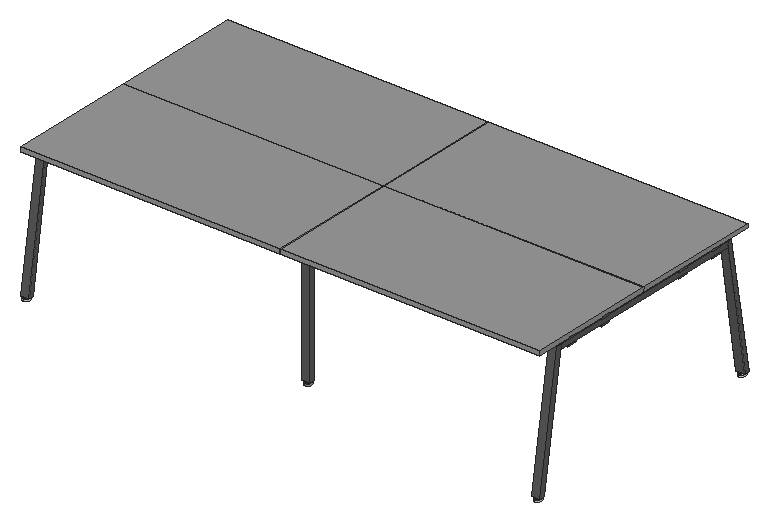
Revit family "Haworth_Tibas_Desk_BenchWorkstation_EU_PRELIMINARY", category Furniture, Revit 2019
Family settings
  OmniClass Number = 23.40.70.14.64.11
  OmniClass Title = Office Furniture
  Work Plane-Based = No
  Always vertical = Yes
  Cut with Voids When Loaded = No
  Shared = No
  Room Calculation Point = No
Parameters (values of type "320 x 160")
  Worksurface Width = Actual Width / 2  # 160 cm
  Worksurface Depth = Actual Depth / 2  # 80 cm
  Warranty = "http://www.haworth.com/resources/product-info/warranties"
  U Shape Cable Outlet = no
  U-Leg Frame R [instance] = no
  U-Leg Frame [instance] = no
  Type Comments = ""
  URL = "https://www.haworth.com/eu/en.html"
  Trim Finish = Haworth _ Polymer _ Undecided
  Top Finish [instance] = Haworth _ Laminate _ Undecided _ Tables
  Structure = yes
  Small = not(Large)  # no
  Size = "Verify Final Dim.w/ Haworth"  # constant formula
  Round Cable Outlet = no
  Revision Number = "1"  # constant formula
  Return Extension = not(Structure)  # no
  Product URL = "https://www.haworth.com/eu/en/products/office-desks/tibas.html"
  O-Leg Frame R [instance] = no
  O-Leg Frame [instance] = no
  No Accessory Kit = not(or(Accessory Kit, Flip Top Cable Outlet, Round Cable Outlet))  # yes
  Model = "TIDWXX16"  # constant formula
  Manufacturer = "Haworth"  # constant formula
  Leg Height = Actual Height - 3.5 cm  # 80.0025 cm
  Leg Depth = Actual Depth - 40 cm  # 120 cm
  Large = yes
  Horizontal Cable Tray Wire Double Small = not(or(No Accessory Kit, Horizontal Cable Tray Double, Horizontal Cable Tray Wire Double))  # no
  Horizontal Cable Tray Wire Double = no
  Horizontal Cable Tray Double = no
  Flip Top Cable Outlet = no
  Epure Cable Outlet = no
  Description = "Haworth - Tibas - Desk - Bench Workstation"  # constant formula
  Cable Tray Width = Actual Width - 50 cm  # 270 cm
  Cable Tray Finish = Haworth _ Paint _ Metallic Silver
  Base Finish [instance] = Haworth _ Paint _ Black
  Author = "Haworth (Abd Rahman)"  # constant formula
  Assembly Code = "E2020200"
  Actual Width = if(Small, 160 cm, 320 cm)  # 320 cm
  Actual Height = 83.5025 cm
  Actual Depth = 160 cm  # constant formula
  Accessory Kit = and(or(Epure Cable Outlet, Flip Top Cable Outlet, Round Cable Outlet, U Shape Cable Outlet))  # no
  A-Leg Frame R [instance] = yes
  A-Leg Frame [instance] = yes
Reference planes (cm)
  plane 1 "Center F/B": y = 17.4526
  plane 2: z = 0
  plane 3 "Center L/R": x = 11.43
  plane 4 "Top": z = 83.5025
  plane 5 "Left": x = -148.57
  plane 6 "Right": x = 171.43
  plane 7 "Back": y = 97.4526
  plane 8 "Front": y = -62.5474
  plane 9: y = 72.4526
  plane 10: y = -37.5474
  plane 11: z = 81.0025
  plane 12: z = 80.0025
  plane 13: x = 21.43
  plane 14: x = 1.43
  plane 15: y = -8.5474
  plane 16: y = -12.5474
  plane 17: y = 47.4526
Dimensions and locks (cm)
  "Actual Height": plane 4 "Top" to level
  equal spacing: plane 7 "Back", plane 1 "Center F/B", plane 8 "Front"
  "Actual Depth": plane 7 "Back" to plane 8 "Front"
  equal spacing: plane 5 "Left", plane 3 "Center L/R", plane 6 "Right"
  "Actual Width": plane 5 "Left" to plane 6 "Right"
  plane 7 "Back" to plane 9 to plane 17 to plane 1 "Center F/B" = 25 cm, 25 cm, 30 cm
  plane 4 "Top" to plane 11 to plane 12 = 2.5 cm locked, 1 cm locked
  locked: plane 3 "Center L/R" to plane 13 at 10
  locked: plane 14 to plane 3 "Center L/R" at 10
  plane 1 "Center F/B" to plane 16 = 30 cm
  plane 16 to plane 10 to plane 8 "Front" = 25 cm, 25 cm
  aligned and locked: plane 4 "Top" to nested 1
  aligned and locked: plane 1 "Center F/B" to nested 5
  aligned and locked: plane 1 "Center F/B" to nested 2
  aligned and locked: nested 2 to plane 5 "Left"
  aligned and locked: plane 1 "Center F/B" to nested 4
  aligned and locked: nested 4 to plane 5 "Left"
  aligned and locked: nested 6 to plane 5 "Left"
  aligned and locked: nested 6 to plane 11
  aligned and locked: plane 5 "Left" to nested 3
  aligned and locked: plane 11 to nested 3
  aligned and locked: nested 6 to plane 10
  aligned and locked: plane 1 "Center F/B" to nested 9
  aligned and locked: plane 1 "Center F/B" to nested 7
  aligned and locked: plane 1 "Center F/B" to nested 8
  aligned and locked: nested 9 to plane 6 "Right"
  aligned and locked: nested 7 to plane 6 "Right"
  aligned and locked: nested 8 to plane 6 "Right"
  aligned and locked: plane 3 "Center L/R" to nested 10
  aligned and locked: nested 10 to plane 7 "Back"
  aligned and locked: plane 12 to nested 10
  aligned and locked: plane 5 "Left" to nested 15
  aligned and locked: nested 14 to plane 6 "Right"
  aligned and locked: plane 8 "Front" to nested 15
  aligned and locked: nested 14 to plane 8 "Front"
  aligned and locked: nested 1 to plane 7 "Back"
  aligned and locked: nested 13 to plane 7 "Back"
  aligned and locked: plane 4 "Top" to nested 13
  aligned and locked: plane 4 "Top" to nested 15
  aligned and locked: plane 4 "Top" to nested 14
  aligned and locked: plane 3 "Center L/R" to nested 11
  aligned and locked: plane 1 "Center F/B" to nested 11
  aligned and locked: plane 1 "Center F/B" to nested 12
  aligned and locked: nested 3 to plane 9
  aligned and locked: nested 12 to plane 11
  aligned and locked: nested 11 to plane 11
  aligned and locked: nested 16 to plane 1 "Center F/B"
  aligned and locked: nested 12 to plane 13
  aligned and locked: nested 16 to plane 14
  aligned and locked: plane 11 to nested 16
  aligned and locked: plane 3 "Center L/R" to nested 17
  aligned and locked: nested 18 to plane 3 "Center L/R"
  aligned and locked: nested 17 to plane 8 "Front"
  aligned and locked: nested 18 to plane 7 "Back"
  aligned and locked: plane 4 "Top" to nested 17
  aligned and locked: nested 18 to plane 4 "Top"
  aligned and locked: plane 3 "Center L/R" to nested 19
  aligned and locked: plane 1 "Center F/B" to nested 19
  aligned and locked: plane 12 to nested 19
  aligned and locked: plane 3 "Center L/R" to nested 20
  aligned and locked: plane 1 "Center F/B" to nested 20
  aligned and locked: nested 20 to plane 12
  aligned and locked: nested 21 to plane 16
  aligned and locked: nested 22 to plane 17
  aligned and locked: nested 21 to plane 11
  aligned and locked: plane 11 to nested 22
  aligned and locked: plane 3 "Center L/R" to nested 21
  aligned and locked: nested 22 to plane 3 "Center L/R"
Nested families (cm)
  nested 1: "Haworth_Tibas_Top_Rectangular-PART" at (-84.2559, 28.2426, -2) x (-1, 0, 0) z (0, 0, 1), Top Finish <- "Top Finish", visible <- "Large", type "Rectangular Top"
    with Top Finish Haworth _ Laminate _ Undecided _ Tables, Void Depth 95 cm, Epure Cable Outlet no, Actual Width 160 cm
  nested 2: "Haworth_Tibas_Base_Ashape-Leg_PART" at (-130.3841, 46.6626, 0), Leg Finish <- "Base Finish", visible <- "A-Leg Frame", type "A Shaped - Leg Frame - PART L"
    with Leg Finish Haworth _ Paint _ Black, Actual Height 80.0025 cm, Actual Depth 160 cm
  nested 3: "Haworth_Tibas_Understructure_Beam-Leg_PART" at (-161.7559, 43.2426, 11.3025) x (-1, 0, 0) z (0, 0, 1), Leg Finish <- "Base Finish", type "Beam - Understructure - PART"
    with Leg Finish Haworth _ Paint _ Black, Actual Width 320 cm
  nested 4: "Haworth_Tibas_Base_O-Leg_PART" at (-130.3841, 46.6626, 0), visible <- "O-Leg Frame", Leg Finish <- "Base Finish", type "O-Leg Frame - PART L"
    with Leg Finish Haworth _ Paint _ Black, Actual Height 80.0025 cm, Actual Depth 160 cm
  nested 5: "Haworth_Tibas_Base_U-Leg_PART" at (-130.3841, 46.6626, 0), visible <- "U-Leg Frame", Leg Finish <- "Base Finish", type "U-Leg Frame - PART L"
    with Leg Finish Haworth _ Paint _ Black, Actual Height 80.0025 cm, Actual Depth 160 cm
  nested 6: "Haworth_Tibas_Understructure_Beam-Leg_PART" at (-161.7559, -8.3374, 11.3025) x (-1, 0, 0) z (0, 0, 1), Leg Finish <- "Base Finish", type "Beam - Understructure - PART"
    with Leg Finish Haworth _ Paint _ Black, Actual Width 320 cm
  nested 7: "Haworth_Tibas_Base_O-Leg_PART" at (184.6159, 46.6626, 0), Leg Finish <- "Base Finish", visible <- "O-Leg Frame R", type "O-Leg Frame - PART R"
    with Leg Finish Haworth _ Paint _ Black, Actual Height 80.0025 cm, Actual Depth 160 cm
  nested 8: "Haworth_Tibas_Base_U-Leg_PART" at (184.6159, 46.6626, 0), Leg Finish <- "Base Finish", visible <- "U-Leg Frame R", type "U-Leg Frame - PART R"
    with Leg Finish Haworth _ Paint _ Black, Actual Height 80.0025 cm, Actual Depth 160 cm
  nested 9: "Haworth_Tibas_Base_Ashape-Leg_PART" at (184.6159, 46.6626, 0), Leg Finish <- "Base Finish", visible <- "A-Leg Frame R", type "A Shaped - Leg Frame - PART R"
    with Leg Finish Haworth _ Paint _ Black, Actual Height 80.0025 cm, Actual Depth 160 cm
  nested 10: "Haworth_Tibas_CableManagement_HorizontalCableTraySingleWire_PART" at (-9.3736, 101.8212, 3.0612), Cable Tray Finish <- "Cable Tray Finish", visible <- "Horizontal Cable Tray Wire Double", type "Wire Basket"
    with Cable Tray Finish Haworth _ Paint _ Metallic Silver, Actual Width 320 cm, 80cm no, 200cm no, 180cm no, 160cm no, 140cm no, 120cm no, 100cm no
  nested 11: "Haworth_Tibas_CableManagement_HorizontalCableTrayDouble_PART" at (27.1159, 46.6626, 36.0025), visible <- "Horizontal Cable Tray Double", Cable Tray Finish <- "Cable Tray Finish", type "Horizontal Cable Tray Double"
    with Cable Tray Finish Haworth _ Paint _ Metallic Silver, Actual Width 270 cm
  nested 12: "Haworth_Tibas_CableManagement_HorizontalCableTrayDoubleWire_PART" at (70.6264, 29.8212, 3.7987), Cable Tray Finish <- "Cable Tray Finish", visible <- "Horizontal Cable Tray Wire Double", type "Wire Basket - Large"
    with Cable Tray Finish Haworth _ Paint _ Metallic Silver, Actual Width 140 cm, 200cm no, 180cm no, 160cm no, 120cm no
  nested 13: "Haworth_Tibas_Top_Rectangular-PART" at (75.7441, 28.2426, -2) x (-1, 0, 0) z (0, 0, 1), Top Finish <- "Top Finish", visible <- "Large", type "Rectangular Top"
    with Top Finish Haworth _ Laminate _ Undecided _ Tables, Void Depth 95 cm, Epure Cable Outlet no, Actual Width 160 cm
  nested 14: "Haworth_Tibas_Top_Rectangular-PART" at (107.1159, 6.6626, -2), Top Finish <- "Top Finish", visible <- "Large", type "Rectangular Top"
    with Top Finish Haworth _ Laminate _ Undecided _ Tables, Void Depth 95 cm, Epure Cable Outlet no, Actual Width 160 cm
  nested 15: "Haworth_Tibas_Top_Rectangular-PART" at (-52.8841, 6.6626, -2), Top Finish <- "Top Finish", visible <- "Large", type "Rectangular Top"
    with Top Finish Haworth _ Laminate _ Undecided _ Tables, Void Depth 95 cm, Epure Cable Outlet no, Actual Width 160 cm
  nested 16: "Haworth_Tibas_CableManagement_HorizontalCableTrayDoubleWire_PART" at (-47.7664, 29.8212, 3.7987) x (-1, 0, 0) z (0, 0, 1), Cable Tray Finish <- "Cable Tray Finish", visible <- "Horizontal Cable Tray Wire Double", type "Wire Basket - Large"
    with Cable Tray Finish Haworth _ Paint _ Metallic Silver, Actual Width 140 cm, 200cm no, 180cm no, 160cm no, 120cm no
  nested 17: "Haworth_Tibas_Top_Rectangular-PART" at (27.1159, 6.6626, -2), Top Finish <- "Top Finish", visible <- "Small", type "Rectangular Top  - Small"
    with Top Finish Haworth _ Laminate _ Undecided _ Tables, Void Depth 95 cm, Epure Cable Outlet no, Actual Width 320 cm
  nested 18: "Haworth_Tibas_Top_Rectangular-PART" at (27.1159, 28.2426, -2), Top Finish <- "Top Finish", visible <- "Small", type "Rectangular Top  - Small"
    with Top Finish Haworth _ Laminate _ Undecided _ Tables, Void Depth 95 cm, Epure Cable Outlet no, Actual Width 320 cm
  nested 19: "Haworth_Tibas_CableManagement_HorizontalCableTrayDoubleWire_PART" at (-9.3736, 29.8212, 2.9987), visible <- "Horizontal Cable Tray Wire Double Small", Cable Tray Finish <- "Cable Tray Finish", type "Wire Basket - Small"
    with Cable Tray Finish Haworth _ Paint _ Metallic Silver, Actual Width 140 cm, 200cm no, 180cm no, 160cm no, 120cm no
  nested 20: "Haworth_Tibas_Base_U-Leg_PART" at (27.1159, 46.6626, 0), visible <- "Large", Leg Finish <- "Base Finish", type "U-Leg Frame - PART M"
    with Leg Finish Haworth _ Paint _ Black, Actual Height 80.0025 cm, Actual Depth 120 cm
  nested 21: "Haworth_Tibas_Understructure_Beam-Leg_PART" at (-161.7559, -41.7574, 11.3025) x (-1, 0, 0) z (0, 0, 1), Leg Finish <- "Base Finish", type "Beam - Understructure - PART"
    with Leg Finish Haworth _ Paint _ Black, Actual Width 320 cm
  nested 22: "Haworth_Tibas_Understructure_Beam-Leg_PART" at (-161.7559, 76.6626, 11.3025) x (-1, 0, 0) z (0, 0, 1), Leg Finish <- "Base Finish", type "Beam - Understructure - PART"
    with Leg Finish Haworth _ Paint _ Black, Actual Width 320 cm
Definition of nested family "Haworth_Tibas_Top_Rectangular-PART"
  Parameters (values of type "Rectangular Top")
    Warranty = "http://www.haworth.com/resources/product-info/warranties"
    Void Depth = if(Epure Cable Outlet, 0 cm, Actual Depth + 15 cm)  # 0 cm
    URL - Product = ""
    URL = "https://www.haworth.com/eu/en.html"
    U-Shape Cable Outlet = no
    Trim Finish = none
    Top Finish [instance] = none
    Thickness = 2.5 cm  # constant formula
    Size = "Verify Final Dim. w/ Haworth"  # constant formula
    Round Cable Outlet = no
    Revision Number = "1"  # constant formula
    Model = "Haworth - Tibas"  # constant formula
    Manufacturer = "Haworth"  # constant formula
    Flip Top Cable Outlet = no
    Epure Cable Outlet = yes
    Description = "Haworth - Tibas"  # constant formula
    Author = "Haworth (Abd Rahman)"  # constant formula
    Assembly Code = "E2020200"
    Actual Width = 150 cm
    Actual Mounting Height = 83.5025 cm
    Actual Depth = 80 cm
  Reference planes (cm)
    plane 1: z = -0.5
    plane 2 "Center L/R": x = -15.6859
    plane 3 "Center F/B": y = -29.21
    plane 4 "Top of top": z = 85.5025
    plane 5 "Back": y = 10.79
    plane 6 "Front": y = -69.21
    plane 7 "Left": x = -90.6859
    plane 8 "Right": x = 59.3141
    plane 9 "Bottom of top": z = 83.0025
    plane 10: y = 2.79
    plane 11: x = -75.6859
    plane 12: x = 44.3141
    plane 13: y = 10.79
    plane 14: y = 10.79
    plane 15: y = 10.79
    plane 16: y = 10.79
  Forms (cm)
    Extrusion 1, solid, material <- "Top Finish"
      sketch origin (0, 0, 0) x (1, 0, 0) y (0, 1, 0)
        loop
          line (-90.6859, 10.79) -> (-90.6859, -69.21) -> (59.3141, -69.21) -> (59.3141, 10.79) -> (-90.6859, 10.79)
      from 83.0025 to 85.5025
    Extrusion 2, void
      sketch origin (0, 0, 0) x (1, 0, 0) y (0, 1, 0)
        loop
          circle (-75.6859, 10.79) r 4
        loop
          circle (44.3141, 10.79) r 4
      from -47.9092 to 135.8317
  Cuts and joins
    Extrusion 2 cuts Extrusion 1
  Lines and regions (cm)
    Masking region 1
      outline origin (0, 0, 0) x (1, 0, 0) y (0, 1, 0)
        loop
          line (-90.6859, 10.79) -> (-90.6859, -69.21) -> (59.3141, -69.21) -> (59.3141, 10.79) -> (-90.6859, 10.79)
  Dimensions and locks (cm)
    equal spacing: plane 5 "Back", plane 3 "Center F/B", plane 6 "Front"
    "Actual Depth": plane 5 "Back" to plane 6 "Front"
    equal spacing: plane 7 "Left", plane 2 "Center L/R", plane 8 "Right"
    "Actual Width": plane 7 "Left" to plane 8 "Right"
    "Thickness": plane 4 "Top of top" to plane 9 "Bottom of top"
    "Actual Mounting Height": plane 9 "Bottom of top" to plane 1
    locked: plane 5 "Back" to plane 10 at 8
    plane 7 "Left" to plane 11 = 15 cm
    locked: plane 8 "Right" to plane 12 at 15
    "Void Depth": plane 13 to plane 14
    "Void Depth": plane 15 to plane 16
    aligned and locked: plane 8 "Right" to Extrusion 1 sketch curve
    aligned and locked: plane 7 "Left" to Extrusion 1 sketch curve
    aligned and locked: plane 6 "Front" to Extrusion 1 sketch curve
    aligned and locked: Extrusion 1 sketch curve to plane 5 "Back"
    aligned and locked: plane 4 "Top of top" to Extrusion 1
    aligned and locked: Extrusion 1 to plane 9 "Bottom of top"
    aligned and locked: plane 8 "Right" to Masking region 1 sketch curve
    aligned and locked: Masking region 1 sketch curve to plane 5 "Back"
    aligned and locked: plane 7 "Left" to Masking region 1 sketch curve
    aligned and locked: plane 6 "Front" to Masking region 1 sketch curve
    aligned and locked: nested 1 to plane 4 "Top of top"
    aligned and locked: plane 12 to nested 1
    aligned and locked: plane 10 to nested 1
    aligned and locked: nested 2 to plane 11
    aligned and locked: nested 2 to plane 10
    aligned and locked: nested 3 to plane 11
    aligned and locked: nested 3 to plane 5 "Back"
    aligned and locked: nested 3 to plane 4 "Top of top"
    aligned and locked: plane 12 to nested 4
    aligned and locked: plane 5 "Back" to nested 4
    aligned and locked: plane 4 "Top of top" to nested 4
    aligned and locked: plane 2 "Center L/R" to nested 5
    aligned and locked: plane 10 to nested 5
    aligned and locked: nested 5 to plane 4 "Top of top"
    aligned and locked: plane 11 to Extrusion 2 sketch curve
    aligned and locked: plane 4 "Top of top" to nested 2
    aligned and locked: plane 13 to plane 5 "Back"
    aligned and locked: plane 12 to Extrusion 2 sketch curve
    aligned and locked: plane 15 to plane 5 "Back"
    aligned and locked: Extrusion 2 sketch curve to plane 16
    aligned and locked: plane 14 to Extrusion 2 sketch curve
  Automatic sketch dimensions
    radius of Extrusion 2 sketch curve = 4 cm  (x2)
  Nested families (cm)
    nested 1: "Haworth_Grommet-PART" at (28.6282, 32, 33.2793) x (-1, 0, 0) z (0, 0, 1), visible <- "Round Cable Outlet", type "Cable Outlet"
      with Vertical no, Horizontal yes
    nested 2: "Haworth_Grommet-PART" at (-60, 32, 33.2793), visible <- "Round Cable Outlet", type "Cable Outlet"
      with Vertical no, Horizontal yes
    nested 3: "Haworth_CableOutlet_U-Shape_PART" at (-60, 37.2731, 29.7793), visible <- "U-Shape Cable Outlet", type "Cable Outlet"
    nested 4: "Haworth_CableOutlet_U-Shape_PART" at (28.6282, 37.2731, 29.7793) x (-1, 0, 0) z (0, 0, 1), visible <- "U-Shape Cable Outlet", type "Cable Outlet"
    nested 5: "Haworth-Flip Top" at (-17.1347, -2.8433, 5.5025), visible <- "Flip Top Cable Outlet", type "Flip Top - Visio"
      with Actual Width 20 cm, Actual Depth 11 cm
  Definition of nested family "Haworth_Grommet-PART"
    Parameters (values of type "Cable Outlet")
      Warranty = "http://www.haworth.com/resources/product-info/warranties"
      Vertical = yes
      URL = "www.haworth.com"
      Trim Finish = none
      Size = "Verify Final Dim. w/ Haworth"  # constant formula
      Revision Number = "1"  # constant formula
      Model = "X742"  # constant formula
      Manufacturer = "Haworth"  # constant formula
      Horizontal = no
      Description = "Haworth - Cable Outlet - 25mm"  # constant formula
      Author = "Haworth (Abd Rahman)"  # constant formula
      Assembly Code = "E2020200"
      Actual Width = 9 cm  # constant formula
      Actual Height = 0.2 cm  # constant formula
      Actual Depth = 9 cm  # constant formula
    Reference planes (cm)
      plane 1: z = 52.2232
      plane 2 "Center L/R": x = -15.6859
      plane 3 "Center F/B": y = -29.21
      plane 4 "Top": z = 52.4232
      plane 5 "Back": y = -24.71
      plane 6 "Front": y = -33.71
      plane 7 "Right": x = -11.1859
      plane 8 "Left": x = -20.1859
      plane 9: x = -15.505
    Forms (cm)
      Revolve 1, solid, material <- "Trim Finish", visible <- "Vertical"
        sketch origin (-67.9273, -29.21, 36.6305) x (0, 0, 1) y (1, 0, 0)
          loop
            line (15.6859, 52.4223) -> (11.5684, 52.4223)
            arc (11.5684, 52.4223) -> (11.398, 52.3576) -> (11.2576, 52.2414) r 0.557
            line (11.2576, 52.2414) -> (15.6859, 52.2414) -> (15.6859, 52.4223)
          axis (15.6859, 52.4223) -> (15.6859, 52.2414)
        angle from 0 to 360
      Extrusion 2, void
        sketch origin (-67.9273, 0.0749, 36.6305) x (0, 0, -1) y (0, 1, 0)
          loop
            line (-17.5569, -26.0506) -> (-17.3333, -28.1782)
            arc (-17.3333, -28.1782) -> (-17.1796, -28.323) -> (-16.9822, -28.2479) r 0.1989
            arc (-16.9822, -28.2479) -> (-16.9186, -28.1652) -> (-16.8471, -28.0891) r 1.0616
            arc (-16.8471, -28.0891) -> (-16.3186, -27.7135) -> (-15.6859, -27.5721) r 1.6402
            arc (-15.6859, -27.5721) -> (-15.1781, -27.6415) -> (-14.7164, -27.8643) r 1.6402
            arc (-14.7164, -27.8643) -> (-14.5025, -27.8909) -> (-14.3853, -27.7099) r 0.203
            line (-14.3853, -27.7099) -> (-14.1679, -25.8137)
            arc (-14.1679, -25.8137) -> (-15.8906, -25.5293) -> (-17.5569, -26.0506) r 3.7744
        from 0 to 71.12
      Revolve 3, solid, material <- "Trim Finish", visible <- "Horizontal"
        sketch origin (-0.0331, -29.3081, 0.0151) x (-1, 0, 0) y (0, 0, 1)
          loop
            line (15.6859, 52.408) -> (11.5287, 52.408)
            arc (11.5287, 52.408) -> (11.3569, 52.3343) -> (11.219, 52.208) r 0.5592
            line (11.219, 52.208) -> (15.6859, 52.208) -> (15.6859, 52.408)
          axis (15.6859, 52.408) -> (15.6859, 52.208)
        angle from 0 to 360
      Extrusion 4, void
        sketch origin (-0.0331, -0.0232, 0.0151) x (1, 0, 0) y (0, 1, 0)
          loop
            line (-17.5569, -26.0506) -> (-17.3333, -28.1782)
            arc (-17.3333, -28.1782) -> (-17.1796, -28.323) -> (-16.9822, -28.2479) r 0.1989
            arc (-16.9822, -28.2479) -> (-16.9186, -28.1652) -> (-16.8471, -28.0891) r 1.0616
            arc (-16.8471, -28.0891) -> (-16.3186, -27.7135) -> (-15.6859, -27.5721) r 1.6402
            arc (-15.6859, -27.5721) -> (-15.1781, -27.6415) -> (-14.7164, -27.8643) r 1.6402
            arc (-14.7164, -27.8643) -> (-14.5025, -27.8909) -> (-14.3853, -27.7099) r 0.203
            line (-14.3853, -27.7099) -> (-14.1679, -25.8137)
            arc (-14.1679, -25.8137) -> (-15.8906, -25.5293) -> (-17.5569, -26.0506) r 3.7744
        from 0 to 71.12
    Cuts and joins
      Extrusion 2 cuts Revolve 1
      Extrusion 4 cuts Revolve 3
    Lines and regions (cm)
      Masking region 1
        outline origin (0, 0, 0) x (1, 0, 0) y (0, 1, 0)
          loop
            circle (-15.6859, -29.2849) r 4.4363
          loop
            circle (-15.6859, -29.2849) r 4.0899
          loop
            line (-14.3853, -27.7099) -> (-14.1679, -25.8137)
            arc (-14.1679, -25.8137) -> (-15.8906, -25.5293) -> (-17.5569, -26.0506) r 3.7744
            line (-17.5569, -26.0506) -> (-17.3333, -28.1782)
            arc (-17.3333, -28.1782) -> (-17.1796, -28.323) -> (-16.9822, -28.2479) r 0.1989
            arc (-16.9822, -28.2479) -> (-16.9186, -28.1652) -> (-16.8471, -28.0891) r 1.0616
            arc (-16.8471, -28.0891) -> (-16.3186, -27.7135) -> (-15.6859, -27.5721) r 1.6402
            arc (-15.6859, -27.5721) -> (-15.1781, -27.6415) -> (-14.7164, -27.8643) r 1.6402
            arc (-14.7164, -27.8643) -> (-14.5025, -27.8909) -> (-14.3853, -27.7099) r 0.203
    Dimensions and locks (cm)
      equal spacing: plane 8 "Left", plane 2 "Center L/R", plane 7 "Right"
      "Actual Width": plane 8 "Left" to plane 7 "Right"
      equal spacing: plane 5 "Back", plane 3 "Center F/B", plane 6 "Front"
      "Actual Depth": plane 5 "Back" to plane 6 "Front"
      "Actual Height": plane 4 "Top" to plane 1
      aligned and locked: plane 3 "Center F/B" to cut or joined group of Revolve 1, Extrusion 2  (x2)
      aligned and locked: cut or joined group of Revolve 3, Extrusion 4 to plane 4 "Top"
      aligned and locked: cut or joined group of Revolve 3, Extrusion 4 to plane 1
      aligned and locked: cut or joined group of Revolve 1, Extrusion 2 to plane 2 "Center L/R"
      aligned and locked: plane 9 to cut or joined group of Revolve 1, Extrusion 2
    Automatic sketch dimensions
      Revolve 1 sketch curve to plane 1 = 4.335 cm
      Revolve 1 sketch curve to Revolve 1 sketch curve = 0.3107 cm
      Revolve 1 sketch curve to Revolve 1 sketch curve = 0.1099 cm
      Revolve 1 sketch curve to Revolve 1 sketch curve = 4.0077 cm
      Revolve 1 sketch curve to plane 7 "Right" = 4.8651 cm
      Revolve 1 sketch curve to Revolve 1 sketch curve = 0.3651 cm
      Revolve 1 sketch curve to Revolve 1 sketch curve = 0 cm  (x2)
      Revolve 1 sketch curve to Revolve 1 sketch curve = 0.0195 cm
      Extrusion 2 sketch curve to Extrusion 2 sketch curve = 0 cm  (x2)
      plane 1 to Extrusion 2 sketch curve = 1.9643 cm
      Extrusion 2 sketch curve to Extrusion 2 sketch curve = 0.4161 cm
      Extrusion 2 sketch curve to Extrusion 2 sketch curve = 1.0307 cm
      Extrusion 2 sketch curve to Extrusion 2 sketch curve = 0.4587 cm
      Extrusion 2 sketch curve to Extrusion 2 sketch curve = 0.0242 cm
      Extrusion 2 sketch curve to Extrusion 2 sketch curve = 1.0632 cm
      Extrusion 2 sketch curve to Extrusion 2 sketch curve = 0.203 cm
      Extrusion 2 sketch curve to Extrusion 2 sketch curve = 0.2174 cm
      Extrusion 2 sketch curve to plane 5 "Back" = 4.5096 cm
      Extrusion 2 sketch curve to Extrusion 2 sketch curve = 0.0825 cm
      Extrusion 2 sketch curve to Extrusion 2 sketch curve = 0.3588 cm
      Extrusion 2 sketch curve to Extrusion 2 sketch curve = 0.7253 cm
      Extrusion 2 sketch curve to Extrusion 2 sketch curve = 1.502 cm
      Extrusion 2 sketch curve to Extrusion 2 sketch curve = 0.0031 cm
      Extrusion 2 sketch curve to Extrusion 2 sketch curve = 2.0772 cm
      Extrusion 2 sketch curve to Extrusion 2 sketch curve = 0.1925 cm
      Extrusion 2 sketch curve to Extrusion 2 sketch curve = 0.1586 cm
      Extrusion 2 sketch curve to Extrusion 2 sketch curve = 0.1352 cm
      Extrusion 2 sketch curve to Extrusion 2 sketch curve = 1.0976 cm
      Extrusion 2 sketch curve to Extrusion 2 sketch curve = 0.1281 cm
      Masking region 1 sketch curve to Masking region 1 sketch curve = 0 cm  (x4)
      Masking region 1 sketch curve to plane 2 "Center L/R" = 0 cm  (x2)
      Masking region 1 sketch curve to plane 2 "Center L/R" = 0.4242 cm
      Masking region 1 sketch curve to Masking region 1 sketch curve = 1.0307 cm
      Masking region 1 sketch curve to plane 3 "Center F/B" = 1.0318 cm
      Masking region 1 sketch curve to Masking region 1 sketch curve = 0.1925 cm
      Masking region 1 sketch curve to plane 2 "Center L/R" = 1.871 cm
      plane 3 "Center F/B" to Masking region 1 sketch curve = 0.002 cm
      plane 2 "Center L/R" to Masking region 1 sketch curve = 0.0345 cm
      plane 2 "Center L/R" to Masking region 1 sketch curve = 0.0586 cm
      plane 2 "Center L/R" to Masking region 1 sketch curve = 1.0976 cm
      Masking region 1 sketch curve to Masking region 1 sketch curve = 0.203 cm
      plane 2 "Center L/R" to Masking region 1 sketch curve = 1.518 cm
      plane 3 "Center F/B" to Masking region 1 sketch curve = 0.0749 cm
      Masking region 1 sketch curve to Masking region 1 sketch curve = 0.0096 cm
      Masking region 1 sketch curve to plane 3 "Center F/B" = 0.3569 cm
      Masking region 1 sketch curve to Masking region 1 sketch curve = 0.0504 cm
      Masking region 1 sketch curve to plane 3 "Center F/B" = 1.5001 cm
      Masking region 1 sketch curve to Masking region 1 sketch curve = 0.0031 cm
      Masking region 1 sketch curve to plane 5 "Back" = 1.3406 cm
      Masking region 1 sketch curve to Masking region 1 sketch curve = 0.2938 cm
      Masking region 1 sketch curve to Masking region 1 sketch curve = 0.1586 cm
      Revolve 3 sketch curve to plane 7 "Right" = 0.0663 cm
      Revolve 3 sketch curve to Revolve 3 sketch curve = 0.3096 cm
      Revolve 3 sketch curve to Revolve 3 sketch curve = 0.1316 cm
      Revolve 3 sketch curve to Revolve 3 sketch curve = 4.0256 cm
      Revolve 3 sketch curve to plane 4 "Top" = 0.5434 cm
      Revolve 3 sketch curve to Revolve 3 sketch curve = 0.3434 cm
      Revolve 3 sketch curve to Revolve 3 sketch curve = 0 cm
      Revolve 3 sketch curve to Revolve 3 sketch curve = 0.0151 cm  (x2)
      Extrusion 4 sketch curve to Extrusion 4 sketch curve = 0 cm  (x2)
      Extrusion 4 sketch curve to plane 7 "Right" = 6.4042 cm
      Extrusion 4 sketch curve to Extrusion 4 sketch curve = 0.4161 cm
      Extrusion 4 sketch curve to Extrusion 4 sketch curve = 1.0307 cm
      Extrusion 4 sketch curve to Extrusion 4 sketch curve = 0.4587 cm
      Extrusion 4 sketch curve to Extrusion 4 sketch curve = 0.0242 cm
      Extrusion 4 sketch curve to Extrusion 4 sketch curve = 1.0632 cm
      Extrusion 4 sketch curve to Extrusion 4 sketch curve = 0.203 cm
      Extrusion 4 sketch curve to Extrusion 4 sketch curve = 0.2174 cm
      Extrusion 4 sketch curve to plane 5 "Back" = 4.6077 cm
      Extrusion 4 sketch curve to Extrusion 4 sketch curve = 0.0825 cm
      Extrusion 4 sketch curve to Extrusion 4 sketch curve = 0.3588 cm
      Extrusion 4 sketch curve to Extrusion 4 sketch curve = 0.7253 cm
      Extrusion 4 sketch curve to Extrusion 4 sketch curve = 1.502 cm
      Extrusion 4 sketch curve to Extrusion 4 sketch curve = 0.0031 cm
      Extrusion 4 sketch curve to Extrusion 4 sketch curve = 2.0772 cm
      Extrusion 4 sketch curve to Extrusion 4 sketch curve = 0.1925 cm
      Extrusion 4 sketch curve to Extrusion 4 sketch curve = 0.1586 cm
      Extrusion 4 sketch curve to Extrusion 4 sketch curve = 0.1352 cm
      Extrusion 4 sketch curve to Extrusion 4 sketch curve = 1.0976 cm
      Extrusion 4 sketch curve to Extrusion 4 sketch curve = 0.1281 cm
      radius of Masking region 1 sketch curve = 4.4363 cm
      radius of Masking region 1 sketch curve = 4.0899 cm
  Definition of nested family "Haworth_CableOutlet_U-Shape_PART"
    Parameters (values of type "Cable Outlet")
      Warranty = "http://www.haworth.com/resources/product-info/warranties"
      URL = "www.haworth.com"
      Trim Finish = none
      Sustainability Info = "https://www.haworth.com/company-info/sustainability"
      Size = "Verify Final Dim. w/ Haworth"  # constant formula
      Revision Number = "1"  # constant formula
      Model = "X742"  # constant formula
      Manufacturer = "Haworth"  # constant formula
      Description = "Haworth - Cable Outlet - U - Shape"  # constant formula
      Author = "Haworth (Abd Rahman)"  # constant formula
      Assembly Code = "E2020200"
      Actual Width = 7 cm  # constant formula
      Actual Height = 4 cm  # constant formula
      Actual Depth = 7 cm  # constant formula
    Reference planes (cm)
      plane 1: z = 52.2232
      plane 2 "Center L/R": x = -15.6859
      plane 3 "Center F/B": y = -29.21
      plane 4 "Top": z = 56.2232
      plane 5 "Back": y = -25.71
      plane 6 "Front": y = -32.71
      plane 7 "Right": x = -12.1859
      plane 8 "Left": x = -19.1859
    Forms (cm)
      Extrusion 1, solid, material <- "Trim Finish"
        sketch origin (-12.1859, 0, 0) x (0, 1, 0) y (0, 0, 1)
          loop
            line (-32.71, 56.2232) -> (-32.71, 55.7232) -> (-26.4831, 55.7232) -> (-26.4831, 52.7232) -> (-32.71, 52.7232) -> (-32.71, 52.2232) -> (-25.71, 52.2232) -> (-25.71, 53.0231) -> (-25.71, 55.5734) -> (-25.71, 56.2232) -> (-32.71, 56.2232)
        from -7 to 0
    Lines and regions (cm)
      Masking region 1
        outline origin (0, 0, 0) x (1, 0, 0) y (0, 1, 0)
          loop
            line (-19.1859, -25.71) -> (-19.1859, -32.71) -> (-12.1859, -32.71) -> (-12.1859, -25.71) -> (-19.1859, -25.71)
    Dimensions and locks (cm)
      equal spacing: plane 8 "Left", plane 2 "Center L/R", plane 7 "Right"
      "Actual Width": plane 8 "Left" to plane 7 "Right"
      equal spacing: plane 5 "Back", plane 3 "Center F/B", plane 6 "Front"
      "Actual Depth": plane 5 "Back" to plane 6 "Front"
      "Actual Height": plane 4 "Top" to plane 1
      aligned and locked: Extrusion 1 to plane 8 "Left"
      aligned and locked: plane 7 "Right" to Extrusion 1
      aligned and locked: Masking region 1 sketch curve to plane 7 "Right"
      aligned and locked: Masking region 1 sketch curve to plane 5 "Back"
      aligned and locked: plane 8 "Left" to Masking region 1 sketch curve
      aligned and locked: plane 6 "Front" to Masking region 1 sketch curve
    Automatic sketch dimensions
      Extrusion 1 sketch curve to plane 4 "Top" = 0 cm
      Extrusion 1 sketch curve to plane 6 "Front" = 0 cm  (x2)
      Extrusion 1 sketch curve to plane 5 "Back" = 0 cm
      Extrusion 1 sketch curve to plane 1 = 0 cm
      Extrusion 1 sketch curve to Extrusion 1 sketch curve = 0.2999 cm
      Extrusion 1 sketch curve to Extrusion 1 sketch curve = 0.7731 cm
      Extrusion 1 sketch curve to plane 4 "Top" = 0.6498 cm
      Extrusion 1 sketch curve to plane 4 "Top" = 0.5 cm
      plane 1 to Extrusion 1 sketch curve = 0.7999 cm
  Definition of nested family "Haworth-Flip Top"
    Parameters (values of type "Flip Top - Visio")
      Warranty = ""
      URL - Product = ""
      URL = ""
      Sustainability Info = ""
      Size = "Verify Final Dim. w/ Haworth"  # constant formula
      Single Sided = no
      Single Sided Wide = yes
      Revision Number = ""
      OmniClass Number = ""
      Material Options = ""
      Manufacturer = "Haworth"  # constant formula
      LEED Data = ""
      Flip Top Height = 2.5 cm
      Flip Top Finish = none
      Double Sided = no
      Double Sided Wide = no
      Author = "SHAPE Environments, LLC"  # constant formula
      Assembly Code = ""
      Actual Width = 12 cm
      Actual Height = 80 cm
      Actual Depth = 8 cm
    Types (2, lengths in cm): name | Flip Top Height | Actual Width | Actual Height | Actual Depth
      Flip Top - Visio | 2.5 | 12 | 80 | 8
      Flip Top Cable Tray | 6.985 | 28.575 | 73.66 | 11.1125
    Reference planes (cm)
      plane 1 "Center F/B": y = 0.1333
      plane 2: z = 0
      plane 3 "Center L/R": x = 1.4487
      plane 4 "Back": y = 4.1333
      plane 5 "Right": x = 7.4487
      plane 6 "Front": y = -3.8667
      plane 7 "Left": x = -4.5513
      plane 8 "Table Height": z = 80
      plane 9: z = 77.5
    Forms (cm)
      Extrusion 1, solid, material <- "Flip Top Finish"
        sketch origin (0, 0, 80) x (-1, 0, 0) y (0, -1, 0)
          loop
            line (4.5513, -4.1333) -> (4.5513, 3.8667) -> (-7.4487, 3.8667) -> (-7.4487, -4.1333) -> (4.5513, -4.1333)
        from 0 to 0.3175
      Extrusion 2, solid, material <- "Flip Top Finish"
        sketch origin (0, 0, 80) x (-1, 0, 0) y (0, -1, 0)
          loop
            line (4.2338, -3.6571) -> (4.2338, 3.3904) -> (-7.1312, 3.3904) -> (-7.1312, -3.6571) -> (4.2338, -3.6571)
        from 0 to -2.5
    Cuts and joins
      joined: Extrusion 1, Extrusion 2
    Lines and regions (cm)
      symbolic lines
        curve 1: line (-4.5513, 4.1333, 80) -> (7.4487, 4.1333, 80)
        curve 2: line (-4.5513, -3.8667, 80) -> (-4.5513, 4.1333, 80)
        curve 3: line (7.4487, -3.8667, 80) -> (-4.5513, -3.8667, 80)
        curve 4: line (7.4487, 4.1333, 80) -> (7.4487, -3.8667, 80)
    Dimensions and locks (cm)
      equal spacing: plane 7 "Left", plane 3 "Center L/R", plane 5 "Right"
      "Actual Width": plane 7 "Left" to plane 5 "Right"
      equal spacing: plane 6 "Front", plane 1 "Center F/B", plane 4 "Back"
      "Actual Depth": plane 4 "Back" to plane 6 "Front"
      plane 7 "Left" to Extrusion 2 sketch curve = 0.3175 cm
      plane 4 "Back" to Extrusion 2 sketch curve = 0.4762 cm
      Extrusion 2 sketch curve to plane 5 "Right" = 0.3175 cm
      Extrusion 2 sketch curve to plane 6 "Front" = 0.4763 cm
      "Actual Height": plane 8 "Table Height" to level
      "Flip Top Height": plane 8 "Table Height" to plane 9
      aligned and locked: plane 7 "Left" to Extrusion 1 sketch curve
      aligned and locked: Extrusion 1 sketch curve to plane 4 "Back"
      aligned and locked: plane 6 "Front" to Extrusion 1 sketch curve
      aligned and locked: Extrusion 1 sketch curve to plane 5 "Right"
      aligned and locked: plane 9 to cut or joined group of Extrusion 1, Extrusion 2
    Automatic sketch dimensions
      curve 4 to plane 5 "Right" = 0 cm
      curve 2 to plane 4 "Back" = 0 cm
      curve 2 to plane 7 "Left" = 0 cm
      curve 4 to plane 6 "Front" = 0 cm
Definition of nested family "Haworth_Tibas_Base_Ashape-Leg_PART"
  Parameters (values of type "A Shaped - Leg Frame - PART L")
    Warranty = "http://www.haworth.com/resources/product-info/warranties"
    URL - Product = "https://www.haworth.com/eu/products/tables/desks/tibas"
    URL = "https://www.haworth.com/ap/en.html"
    Size = "Verify Final Dim. w/ Haworth"  # constant formula
    Revision Number = "1"  # constant formula
    Model = "Haworth - Tibas"  # constant formula
    Manufacturer = "Haworth"  # constant formula
    Leg Finish [instance] = none
    Glide Finish = none
    Description = "Haworth - Tibas - PART"  # constant formula
    Author = "Haworth (Abd Rahman)"  # constant formula
    Assembly Code = "E2020200"
    Actual Width = 5 cm  # constant formula
    Actual Height = 70.5 cm
    Actual Depth = 60 cm
  Types (2): name
    A Shaped - Leg Frame - PART L
    A Shaped - Leg Frame - PART R
  Reference planes (cm)
    plane 1: z = 0
    plane 2 "Center L/R": x = -15.6859
    plane 3 "Center F/B": y = -29.21
    plane 4 "Top": z = 70.5
    plane 5: z = 1.5979
    plane 6: z = 67.5
    plane 7: x = -18.1859
    plane 8: x = -13.1859
    plane 9: y = 0.79
    plane 10: y = -59.21
    plane 11: y = -0.71
    plane 12: y = 1.5061
    plane 13: y = -57.71
    plane 14: y = -59.9261
    plane 15: z = 4.5979
    plane 16: y = -12.21
    plane 17: y = -56.21
    plane 18: y = -43.5253
    plane 19: y = -45.9259
    plane 20: y = -45.9259
    plane 21: y = -1.9288
    plane 22: y = -14.6134
    plane 23: y = -12.2129
  Forms (cm)
    Extrusion 1, solid, material <- "Leg Finish"
      sketch origin (-15.6859, 0, 0) x (0, 1, 0) y (0, 0, 1)
        loop
          line (-45.9259, 70.5) -> (-45.9259, 67.5) -> (-12.21, 67.5) -> (-12.21, 70.5) -> (-45.9259, 70.5)
      from -2.5 to 2.5
    Revolve 2, solid
      sketch origin (-15.6859, 1.79, 0) x (0, 1, 0) y (0, 0, 1)
        loop
          line (-2.5, 1.5979) -> (-2.5, 0) -> (-0.2839, 0) -> (-0.2839, 0.6) -> (-1.5146, 0.6) -> (-2, 1.0854) -> (-2, 1.5979) -> (-2.5, 1.5979)
        axis (-2.5, 1.5979) -> (-2.5, 0)
      angle from 0 to 360
    Revolve 3, solid
      sketch origin (-15.6859, -60.21, 0) x (0, -1, 0) y (0, 0, 1)
        loop
          line (-2.5, 1.5979) -> (-2.5, 0) -> (-0.2839, 0) -> (-0.2839, 0.6) -> (-1.5146, 0.6) -> (-2, 1.0854) -> (-2, 1.5979) -> (-2.5, 1.5979)
        axis (-2.5, 1.5979) -> (-2.5, 0)
      angle from 0 to 360
    Blend 4, solid, material <- "Leg Finish"
      base sketch origin (0, 0, 0) x (1, 0, 0) y (0, 1, 0)
        loop
          line (-18.1859, -56.21) -> (-18.1859, -59.21) -> (-13.1859, -59.21) -> (-13.1859, -56.21) -> (-18.1859, -56.21)
      top sketch origin (0, 0, 0) x (1, 0, 0) y (0, 1, 0)
        loop
          line (-18.1859, -43.5253) -> (-18.1859, -45.9259) -> (-13.1859, -45.9259) -> (-13.1859, -43.5253) -> (-18.1859, -43.5253)
      from 1.5979 to 70.5
    Blend 5, solid, material <- "Leg Finish"
      base sketch origin (0, -58.1388, 0) x (1, 0, 0) y (0, 1, 0)
        loop
          line (-18.1859, 56.21) -> (-13.1859, 56.21) -> (-13.1859, 59.21) -> (-18.1859, 59.21) -> (-18.1859, 56.21)
      top sketch origin (0, -58.1388, 0) x (1, 0, 0) y (0, 1, 0)
        loop
          line (-18.1859, 43.5253) -> (-13.1859, 43.5253) -> (-13.1859, 45.9259) -> (-18.1859, 45.9259) -> (-18.1859, 43.5253)
      from 1.5979 to 70.5
  Lines and regions (cm)
    Masking region 1
      outline origin (0, 0, 0) x (1, 0, 0) y (0, 1, 0)
        loop
          line (-18.1859, 0.79) -> (-18.1859, -59.21) -> (-13.1859, -59.21) -> (-13.1859, 0.79) -> (-18.1859, 0.79)
    Masking region 2
      outline origin (0, 0, 0) x (1, 0, 0) y (0, 1, 0)
        loop
          line (-18.1859, 0.79) -> (-18.1859, -59.21) -> (-13.1859, -59.21) -> (-13.1859, 0.79) -> (-18.1859, 0.79)
  Dimensions and locks (cm)
    "Actual Height": plane 4 "Top" to plane 1
    equal spacing: plane 9, plane 3 "Center F/B", plane 10
    "Actual Depth": plane 9 to plane 10
    equal spacing: plane 7, plane 2 "Center L/R", plane 8
    "Actual Width": plane 7 to plane 8
    "Actual Height": plane 4 "Top" to level
    locked: plane 6 to plane 4 "Top" at 3
    locked: plane 5 to level at 1.5979
    plane 11 to plane 9 to plane 12 = 1.5 cm locked, 0.7161 cm locked
    plane 14 to plane 10 to plane 13 = 0.7161 cm locked, 1.5 cm locked
    locked: plane 15 to plane 5 at 3
    locked: plane 16 to plane 9 at 13
    locked: plane 17 to plane 10 at 3
    locked: plane 10 to plane 20 at 13.2841
    plane 21 to plane 9 = 2.7187 cm
    plane 22 to plane 23 to plane 9 = 2.4006 cm locked, 13.0029 cm locked
    plane 18 to plane 19 to plane 10 = 2.4006 cm locked, 13.2841 cm locked
    aligned and locked: Extrusion 1 sketch curve to plane 4 "Top"
    aligned and locked: Extrusion 1 sketch curve to plane 6
    aligned and locked: plane 8 to Masking region 1 sketch curve
    aligned and locked: Masking region 1 sketch curve to plane 9
    aligned and locked: Masking region 1 sketch curve to plane 7
    aligned and locked: Masking region 1 sketch curve to plane 10
    aligned and locked: Revolve 2 sketch curve to plane 11  (x2)
    aligned and locked: plane 12 to Revolve 2 sketch curve
    aligned and locked: plane 13 to Revolve 3 sketch curve  (x2)
    aligned and locked: Revolve 3 sketch curve to plane 14
    aligned and locked: Revolve 3 sketch curve to plane 5
    aligned and locked: Revolve 3 sketch curve to plane 1
    aligned and locked: plane 5 to Revolve 2 sketch curve
    aligned and locked: plane 1 to Revolve 2 sketch curve
    aligned and locked: Blend 4 sketch curve to plane 10
    aligned and locked: Blend 4 sketch curve to plane 17
    aligned and locked: plane 8 to Blend 4 sketch curve  (x2)
    aligned and locked: Blend 4 sketch curve to plane 7  (x2)
    aligned and locked: plane 4 "Top" to Blend 4
    aligned and locked: Blend 4 to plane 5
    aligned and locked: Blend 5 sketch curve to plane 21
    aligned and locked: Blend 5 sketch curve to plane 22
    aligned and locked: Blend 5 sketch curve to plane 23
    aligned and locked: Blend 4 sketch curve to plane 18
    aligned and locked: plane 19 to Blend 4 sketch curve
    aligned and locked: plane 8 to Masking region 2 sketch curve
    aligned and locked: Masking region 2 sketch curve to plane 9
    aligned and locked: Masking region 2 sketch curve to plane 7
    aligned and locked: Masking region 2 sketch curve to plane 10
    aligned and locked: plane 4 "Top" to Blend 5
  Automatic sketch dimensions
    Extrusion 1 sketch curve to plane 20 = 0 cm
    Extrusion 1 sketch curve to plane 16 = 0 cm
    Revolve 2 sketch curve to level = 0 cm
    Revolve 2 sketch curve to plane 5 = 0 cm
    Revolve 2 sketch curve to Revolve 2 sketch curve = 0.5 cm
    Revolve 2 sketch curve to plane 9 = 0.5146 cm
    Revolve 2 sketch curve to Revolve 2 sketch curve = 0.6 cm
    Revolve 2 sketch curve to Revolve 2 sketch curve = 0.5126 cm
    Revolve 3 sketch curve to level = 0 cm
    Revolve 3 sketch curve to plane 5 = 0 cm
    Revolve 3 sketch curve to Revolve 3 sketch curve = 0.5 cm
    plane 10 to Revolve 3 sketch curve = 0.5146 cm
    Revolve 3 sketch curve to Revolve 3 sketch curve = 0.6 cm
    plane 5 to Revolve 3 sketch curve = 0.5126 cm
    Blend 5 sketch curve to plane 7 = 0 cm  (x2)
    Blend 5 sketch curve to plane 8 = 0 cm  (x2)
    Blend 5 sketch curve to plane 9 = 0.2812 cm
Definition of nested family "Haworth_Tibas_Understructure_Beam-Leg_PART"
  Parameters (values of type "Beam - Understructure - PART")
    Warranty = "http://www.haworth.com/resources/product-info/warranties"
    URL - Product = "https://www.haworth.com/eu/products/tables/desks/tibas"
    URL = "https://www.haworth.com/ap/en.html"
    Structure = yes
    Size = "Verify Final Dim. w/ Haworth"  # constant formula
    Revision Number = "1"  # constant formula
    Return Extension = no
    Model = "Haworth - Tibas"  # constant formula
    Manufacturer = "Haworth"  # constant formula
    Leg Finish [instance] = none
    Description = "Haworth - Tibas - PART"  # constant formula
    Connector Width [instance] = 5.49 cm
    Author = "Haworth (Abd Rahman)"  # constant formula
    Assembly Code = "E2020200"
    Actual Width = 100 cm
    Actual Height = 68 cm
    Actual Depth = 7 cm  # constant formula
  Reference planes (cm)
    plane 1: z = 0
    plane 2 "Center L/R": x = -15.6859
    plane 3 "Center F/B": y = -29.21
    plane 4 "Top": z = 68
    plane 5: z = 65
    plane 6: x = -18.1859
    plane 7: x = -13.1859
    plane 8: y = -25.71
    plane 9: y = -32.71
    plane 10: z = 69.7
    plane 11: z = 68.7
    plane 12: z = 65.8979
    plane 13: x = -17.7854
    plane 14: x = -18.6759
    plane 15: x = -113.1859
    plane 16: x = -63.1859
    plane 17 "Center F/E": x = -110.6859
    plane 18: x = -108.1859
    plane 19: x = -108.5864
    plane 20: x = -107.6959
    plane 21: y = -27.71
    plane 22: y = -31.71
    plane 23: y = -26.25
    plane 24: y = -27.08
    plane 25: y = -31.1
    plane 26: y = -31.93
    plane 27: z = 64.27
    plane 28: z = 69.25
  Forms (cm)
    Extrusion 1, solid, material <- "Leg Finish"
      sketch origin (0, -29.21, 0) x (1, 0, 0) y (0, 0, 1)
        loop
          line (-18.6759, 65) -> (-13.1859, 65) -> (-13.1859, 65.6842) -> (-17.7854, 65.6842) -> (-17.7854, 68.7) -> (-13.1859, 68.7) -> (-13.1859, 69.7) -> (-18.6759, 69.7) -> (-18.6759, 65)
      from -2.71 to 3.29
    Extrusion 2, solid, material <- "Leg Finish"
      sketch origin (0, 0, 0) x (1, 0, 0) y (0, 1, 0)
        loop
          line (-17.7854, -31.71) -> (-17.7854, -27.71) -> (-108.5864, -27.71) -> (-108.5864, -31.71) -> (-17.7854, -31.71)
      from 65.8979 to 68.7
    Extrusion 3, solid, material <- "Leg Finish", visible <- "Structure"
      sketch origin (-86.3718, -29.21, 0) x (-1, 0, 0) y (0, 0, -1)
        loop
          line (21.3241, -65) -> (21.3241, -69.7) -> (26.8141, -69.7) -> (26.8141, -68.7) -> (22.2146, -68.7) -> (22.2146, -65.6842) -> (26.8141, -65.6842) -> (26.8141, -65) -> (21.3241, -65)
      from -2.71 to 3.29
    Extrusion 4, solid, material <- "Leg Finish", visible <- "Return Extension"
      sketch origin (-15.6859, 0, 0) x (0, 1, 0) y (0, 0, 1)
        loop
          line (-31.93, 64.27) -> (-31.1, 64.27) -> (-31.1, 69.25) -> (-27.08, 69.25) -> (-27.08, 64.27) -> (-26.25, 64.27) -> (-26.25, 69.7) -> (-31.93, 69.7) -> (-31.93, 64.27)
      from -97.5 to -92.5
    Extrusion 5, void
      sketch origin (0.0625, -29.21, 0.25) x (1, 0, 0) y (0, 0, 1)
        loop
          arc (-108.2484, 66.67) -> (-110.7484, 64.17) -> (-113.2484, 66.67) r 2.5
          line (-113.2484, 66.67) -> (-114.083, 66.67) -> (-114.083, 62.67) -> (-107.2888, 62.67) -> (-107.2888, 66.67) -> (-108.2484, 66.67)
      from -9.5046 to 7.2704
  Cuts and joins
    Extrusion 5 cuts Extrusion 4
  Lines and regions (cm)
    Masking region 1
      outline origin (0, 0, 0) x (1, 0, 0) y (0, 1, 0)
        loop
          line (-107.6959, -27.71) -> (-107.6959, -26.25) -> (-113.1859, -26.25) -> (-113.1859, -32.5) -> (-107.6959, -32.5) -> (-107.6959, -31.71) -> (-18.6759, -31.71) -> (-18.6759, -32.5) -> (-13.1859, -32.5) -> (-13.1859, -26.5) -> (-18.6759, -26.5) -> (-18.6759, -27.71) -> (-107.6959, -27.71)
  Dimensions and locks (cm)
    "Actual Height": plane 4 "Top" to plane 1
    equal spacing: plane 8, plane 3 "Center F/B", plane 9
    "Actual Depth": plane 8 to plane 9
    equal spacing: plane 6, plane 2 "Center L/R", plane 7
    "Actual Height": plane 4 "Top" to level
    locked: plane 5 to plane 4 "Top" at 3
    Extrusion 1 sketch curve to Extrusion 2 = 1 cm
    equal spacing: plane 15, plane 16, plane 7
    plane 15 to plane 7 = 100 cm
    plane 14 to plane 6 to plane 13 to plane 2 "Center L/R" to plane 7 = 0.49 cm locked, 0.4005 cm locked, 2.0995 cm locked, 2.5 cm locked
    plane 15 to plane 16 to plane 7 = 50 cm, 50 cm
    "Connector Width": plane 14 to plane 7
    "Actual Width": plane 15 to plane 7
    plane 18 to plane 17 "Center F/E" = 2.5 cm
    plane 20 to plane 18 to plane 19 to plane 17 "Center F/E" to plane 15 = 0.49 cm locked, 0.4005 cm locked, 2.0995 cm locked, 2.5 cm locked
    locked: plane 8 to plane 21 at 2
    locked: plane 22 to plane 9 at 1
    plane 8 to plane 23 to plane 24 = 0.54 cm locked, 0.83 cm locked
    plane 25 to plane 26 to plane 9 = 0.83 cm locked, 0.78 cm locked
    locked: plane 28 to plane 10 at 0.45
    locked: plane 27 to plane 5 at 0.73
    aligned and locked: Extrusion 2 to plane 11
    aligned and locked: Extrusion 2 to plane 12
    aligned and locked: Extrusion 2 to plane 13
    aligned and locked: plane 11 to Extrusion 1
    aligned and locked: Extrusion 1 to plane 13
    aligned and locked: Extrusion 1 to plane 7  (x2)
    aligned and locked: plane 5 to Extrusion 1
    aligned and locked: Extrusion 1 to plane 10
    aligned and locked: plane 14 to Extrusion 1
    aligned and locked: plane 10 to Extrusion 3
    aligned and locked: plane 15 to Extrusion 3  (x2)
    aligned and locked: Extrusion 3 to plane 20
    aligned and locked: plane 5 to Extrusion 3
    aligned and locked: Extrusion 3 to plane 11
    aligned and locked: Extrusion 3 to plane 19
    aligned and locked: Extrusion 2 sketch curve to plane 21
    aligned and locked: plane 22 to Extrusion 2 sketch curve
    aligned and locked: plane 13 to Extrusion 2 sketch curve
    aligned and locked: plane 19 to Extrusion 2 sketch curve
    aligned and locked: plane 10 to Extrusion 4 sketch curve
    aligned and locked: Extrusion 4 sketch curve to plane 23
    aligned and locked: Extrusion 4 sketch curve to plane 24
    aligned and locked: Extrusion 4 sketch curve to plane 25
    aligned and locked: Extrusion 4 sketch curve to plane 26
    aligned and locked: plane 28 to Extrusion 4 sketch curve
    aligned and locked: Extrusion 4 sketch curve to plane 27
    aligned and locked: plane 27 to Extrusion 4 sketch curve
    aligned and locked: plane 15 to cut or joined group of Extrusion 4, Extrusion 5
    aligned and locked: plane 18 to cut or joined group of Extrusion 4, Extrusion 5
    aligned and locked: plane 17 "Center F/E" to Extrusion 5 sketch curve
    aligned and locked: plane 7 to Masking region 1 sketch curve
    aligned and locked: Masking region 1 sketch curve to plane 14
  Automatic sketch dimensions
    plane 14 to Extrusion 1 sketch curve = 0 cm
    plane 13 to Extrusion 1 sketch curve = 0 cm
    plane 7 to Extrusion 1 sketch curve = 0 cm  (x2)
    Extrusion 1 sketch curve to plane 5 = 0 cm
    Extrusion 1 sketch curve to plane 11 = 0 cm
    plane 12 to Extrusion 1 sketch curve = 0.2138 cm
    Extrusion 3 sketch curve to plane 10 = 0 cm
    Extrusion 3 sketch curve to plane 20 = 0 cm
    plane 19 to Extrusion 3 sketch curve = 0 cm
    plane 15 to Extrusion 3 sketch curve = 0 cm  (x2)
    Extrusion 3 sketch curve to plane 5 = 0 cm
    Extrusion 3 sketch curve to plane 11 = 0 cm
    Extrusion 3 sketch curve to plane 12 = 0.2138 cm
    plane 15 to Extrusion 5 sketch curve = 0 cm
    plane 15 to Extrusion 5 sketch curve = 0.8346 cm
    plane 20 to Extrusion 5 sketch curve = 0.4696 cm
    plane 5 to Extrusion 5 sketch curve = 2.08 cm
    Extrusion 5 sketch curve to plane 12 = 1.0221 cm
    Masking region 1 sketch curve to plane 15 = 0 cm
    Masking region 1 sketch curve to plane 20 = 0 cm  (x2)
    Masking region 1 sketch curve to plane 14 = 0 cm
    Masking region 1 sketch curve to plane 9 = 0.21 cm  (x2)
    Masking region 1 sketch curve to Masking region 1 sketch curve = 0.79 cm
    Masking region 1 sketch curve to plane 3 "Center F/B" = 1.5 cm
    Masking region 1 sketch curve to plane 8 = 0.79 cm
    Masking region 1 sketch curve to plane 8 = 0.54 cm
Definition of nested family "Haworth_Tibas_Base_O-Leg_PART"
  Parameters (values of type "O-Leg Frame - PART")
    Warranty = "http://www.haworth.com/resources/product-info/warranties"
    URL - Product = "https://www.haworth.com/eu/products/tables/desks/tibas"
    URL = "https://www.haworth.com/ap/en.html"
    Size = "Verify Final Dim. w/ Haworth"  # constant formula
    Revision Number = "1"  # constant formula
    Model = "Haworth - Tibas"  # constant formula
    Manufacturer = "Haworth"  # constant formula
    Leg Finish [instance] = none
    Glide Finish = none
    Description = "Haworth - Tibas - PART"  # constant formula
    Author = "Haworth (Abd Rahman)"  # constant formula
    Assembly Code = "E2020200"
    Actual Width = 5 cm  # constant formula
    Actual Height = 45 cm
    Actual Depth = 70 cm
  Reference planes (cm)
    plane 1: z = 0
    plane 2 "Center L/R": x = -15.6859
    plane 3 "Center F/B": y = -29.21
    plane 4 "Top": z = 45
    plane 5: z = 1.5979
    plane 6: z = 42
    plane 7: x = -18.1859
    plane 8: x = -13.1859
    plane 9: y = 5.79
    plane 10: y = -64.21
    plane 11: y = 2.79
    plane 12: y = -61.21
    plane 13: y = 4.29
    plane 14: y = 6.5061
    plane 15: y = -62.71
    plane 16: y = -64.9261
    plane 17: z = 4.5979
  Forms (cm)
    Extrusion 1, solid, material <- "Leg Finish"
      sketch origin (0, -29.21, 0) x (1, 0, 0) y (0, 0, 1)
        loop
          line (-18.1859, 45) -> (-18.1859, 1.5979) -> (-13.1859, 1.5979) -> (-13.1859, 45) -> (-18.1859, 45)
      from -35 to -32
    Extrusion 2, solid, material <- "Leg Finish"
      sketch origin (0, -29.21, 0) x (1, 0, 0) y (0, 0, -1)
        loop
          line (-18.1859, -45) -> (-13.1859, -45) -> (-13.1859, -1.5979) -> (-18.1859, -1.5979) -> (-18.1859, -45)
      from -35 to -32
    Extrusion 3, solid, material <- "Leg Finish"
      sketch origin (-15.6859, 0, 0) x (0, 1, 0) y (0, 0, 1)
        loop
          line (-61.21, 45) -> (-61.21, 42) -> (2.79, 42) -> (2.79, 45) -> (-61.21, 45)
      from -2.5 to 2.5
    Revolve 4, solid, material <- "Glide Finish"
      sketch origin (-15.6859, 1.79, 0) x (0, 1, 0) y (0, 0, 1)
        loop
          line (2.5, 1.5979) -> (2.5, 0) -> (4.7161, 0) -> (4.7161, 0.6) -> (3.4854, 0.6) -> (3, 1.0854) -> (3, 1.5979) -> (2.5, 1.5979)
        axis (2.5, 1.5979) -> (2.5, 0)
      angle from 0 to 360
    Revolve 5, solid, material <- "Glide Finish"
      sketch origin (-15.6859, -60.21, 0) x (0, -1, 0) y (0, 0, 1)
        loop
          line (2.5, 1.5979) -> (2.5, 0) -> (4.7161, 0) -> (4.7161, 0.6) -> (3.4854, 0.6) -> (3, 1.0854) -> (3, 1.5979) -> (2.5, 1.5979)
        axis (2.5, 1.5979) -> (2.5, 0)
      angle from 0 to 360
    Extrusion 6, solid, material <- "Leg Finish"
      sketch origin (-15.6859, 0, 0) x (0, 1, 0) y (0, 0, 1)
        loop
          line (-61.21, 4.5979) -> (-61.21, 1.5979) -> (2.79, 1.5979) -> (2.79, 4.5979) -> (-61.21, 4.5979)
      from -2.5 to 2.5
  Cuts and joins
    joined: Extrusion 1, Extrusion 2, Extrusion 3, Extrusion 6
  Lines and regions (cm)
    Masking region 1
      outline origin (0, 0, 0) x (1, 0, 0) y (0, 1, 0)
        loop
          line (-18.1859, 5.79) -> (-18.1859, -64.21) -> (-13.1859, -64.21) -> (-13.1859, 5.79) -> (-18.1859, 5.79)
  Dimensions and locks (cm)
    "Actual Height": plane 4 "Top" to plane 1
    equal spacing: plane 9, plane 3 "Center F/B", plane 10
    "Actual Depth": plane 9 to plane 10
    equal spacing: plane 7, plane 2 "Center L/R", plane 8
    "Actual Width": plane 7 to plane 8
    locked: plane 9 to plane 11 at 3
    locked: plane 10 to plane 12 at 3
    "Actual Height": plane 4 "Top" to level
    locked: plane 6 to plane 4 "Top" at 3
    locked: plane 5 to level at 1.5979
    plane 13 to plane 9 to plane 14 = 1.5 cm locked, 0.7161 cm locked
    plane 16 to plane 10 to plane 15 = 0.7161 cm locked, 1.5 cm locked
    locked: plane 17 to plane 5 at 3
    aligned and locked: Extrusion 1 sketch curve to plane 7
    aligned and locked: plane 8 to Extrusion 1 sketch curve
    aligned and locked: plane 5 to Extrusion 1 sketch curve
    aligned and locked: Extrusion 1 sketch curve to plane 4 "Top"
    aligned and locked: plane 9 to Extrusion 1
    aligned and locked: Extrusion 1 to plane 11
    aligned and locked: plane 7 to Extrusion 2
    aligned and locked: Extrusion 2 to plane 8
    aligned and locked: Extrusion 2 to plane 12
    aligned and locked: plane 10 to Extrusion 2
    aligned and locked: plane 4 "Top" to Extrusion 2
    aligned and locked: Extrusion 2 to plane 5
    aligned and locked: Extrusion 3 sketch curve to plane 11
    aligned and locked: Extrusion 3 sketch curve to plane 4 "Top"
    aligned and locked: Extrusion 3 sketch curve to plane 12
    aligned and locked: Extrusion 3 sketch curve to plane 6
    aligned and locked: plane 7 to Extrusion 3
    aligned and locked: Extrusion 3 to plane 8
    aligned and locked: plane 8 to Masking region 1 sketch curve
    aligned and locked: Masking region 1 sketch curve to plane 9
    aligned and locked: Masking region 1 sketch curve to plane 7
    aligned and locked: Masking region 1 sketch curve to plane 10
    aligned and locked: Revolve 4 sketch curve to plane 13  (x2)
    aligned and locked: plane 14 to Revolve 4 sketch curve
    aligned and locked: plane 15 to Revolve 5 sketch curve  (x2)
    aligned and locked: Revolve 5 sketch curve to plane 16
    aligned and locked: Revolve 5 sketch curve to plane 5
    aligned and locked: plane 1 to Revolve 5 sketch curve
    aligned and locked: plane 5 to Revolve 4 sketch curve
    aligned and locked: plane 1 to Revolve 4 sketch curve
    aligned and locked: Extrusion 6 sketch curve to plane 17
    aligned and locked: plane 5 to Extrusion 6 sketch curve
    aligned and locked: Extrusion 6 sketch curve to plane 12
    aligned and locked: Extrusion 6 sketch curve to plane 11
    aligned and locked: Extrusion 6 to plane 8
    aligned and locked: plane 7 to Extrusion 6
  Automatic sketch dimensions
    Extrusion 2 sketch curve to plane 5 = 0 cm
    plane 7 to Extrusion 2 sketch curve = 0 cm
    plane 8 to Extrusion 2 sketch curve = 0 cm
    Extrusion 2 sketch curve to plane 4 "Top" = 0 cm
    level to Revolve 4 sketch curve = 0 cm
    plane 5 to Revolve 4 sketch curve = 0 cm
    plane 13 to Revolve 4 sketch curve = 0.5 cm
    Revolve 4 sketch curve to plane 9 = 0.5146 cm
    Revolve 4 sketch curve to Revolve 4 sketch curve = 0.6 cm
    Revolve 4 sketch curve to plane 5 = 0.5126 cm
    Revolve 5 sketch curve to level = 0 cm
    Revolve 5 sketch curve to plane 5 = 0 cm
    Revolve 5 sketch curve to plane 15 = 0.5 cm
    plane 10 to Revolve 5 sketch curve = 0.5146 cm
    Revolve 5 sketch curve to Revolve 5 sketch curve = 0.6 cm
    plane 5 to Revolve 5 sketch curve = 0.5126 cm
Definition of nested family "Haworth_Tibas_Base_U-Leg_PART"
  Parameters (values of type "U-Leg Frame - PART")
    Warranty = "http://www.haworth.com/resources/product-info/warranties"
    URL - Product = "https://www.haworth.com/eu/products/tables/desks/tibas"
    URL = "https://www.haworth.com/ap/en.html"
    Size = "Verify Final Dim. w/ Haworth"  # constant formula
    Revision Number = "1"  # constant formula
    Model = "Haworth - Tibas"  # constant formula
    Manufacturer = "Haworth"  # constant formula
    Leg Finish [instance] = none
    Glide Finish = none
    Description = "Haworth - Tibas - Complete Frame - PART"  # constant formula
    Author = "Haworth (Abd Rahman)"  # constant formula
    Assembly Code = "E2020200"
    Actual Width = 5 cm  # constant formula
    Actual Height = 45 cm
    Actual Depth = 40 cm
  Reference planes (cm)
    plane 1: z = 0
    plane 2 "Center L/R": x = -15.6859
    plane 3 "Center F/B": y = -29.21
    plane 4 "Top": z = 45
    plane 5: z = 1.5979
    plane 6: z = 42
    plane 7: x = -18.1859
    plane 8: x = -13.1859
    plane 9: y = -9.21
    plane 10: y = -49.21
    plane 11: y = -12.21
    plane 12: y = -46.21
    plane 13: y = -10.71
    plane 14: y = -8.4939
    plane 15: y = -47.71
    plane 16: y = -49.9261
  Forms (cm)
    Extrusion 1, solid, material <- "Leg Finish"
      sketch origin (0, -29.21, 0) x (1, 0, 0) y (0, 0, 1)
        loop
          line (-18.1859, 45) -> (-18.1859, 1.5979) -> (-13.1859, 1.5979) -> (-13.1859, 45) -> (-18.1859, 45)
      from -20 to -17
    Extrusion 2, solid, material <- "Leg Finish"
      sketch origin (0, -29.21, 0) x (1, 0, 0) y (0, 0, -1)
        loop
          line (-18.1859, -45) -> (-13.1859, -45) -> (-13.1859, -1.5979) -> (-18.1859, -1.5979) -> (-18.1859, -45)
      from -20 to -17
    Extrusion 3, solid, material <- "Leg Finish"
      sketch origin (-15.6859, 0, 0) x (0, 1, 0) y (0, 0, 1)
        loop
          line (-46.21, 45) -> (-46.21, 42) -> (-12.21, 42) -> (-12.21, 45) -> (-46.21, 45)
      from -2.5 to 2.5
    Revolve 4, solid, material <- "Glide Finish"
      sketch origin (-15.6859, 1.79, 0) x (0, 1, 0) y (0, 0, 1)
        loop
          line (-12.5, 1.5979) -> (-12.5, 0) -> (-10.2839, 0) -> (-10.2839, 0.6) -> (-11.5146, 0.6) -> (-12, 1.0854) -> (-12, 1.5979) -> (-12.5, 1.5979)
        axis (-12.5, 1.5979) -> (-12.5, 0)
      angle from 0 to 360
    Revolve 5, solid, material <- "Glide Finish"
      sketch origin (-15.6859, -60.21, 0) x (0, -1, 0) y (0, 0, 1)
        loop
          line (-12.5, 1.5979) -> (-12.5, 0) -> (-10.2839, 0) -> (-10.2839, 0.6) -> (-11.5146, 0.6) -> (-12, 1.0854) -> (-12, 1.5979) -> (-12.5, 1.5979)
